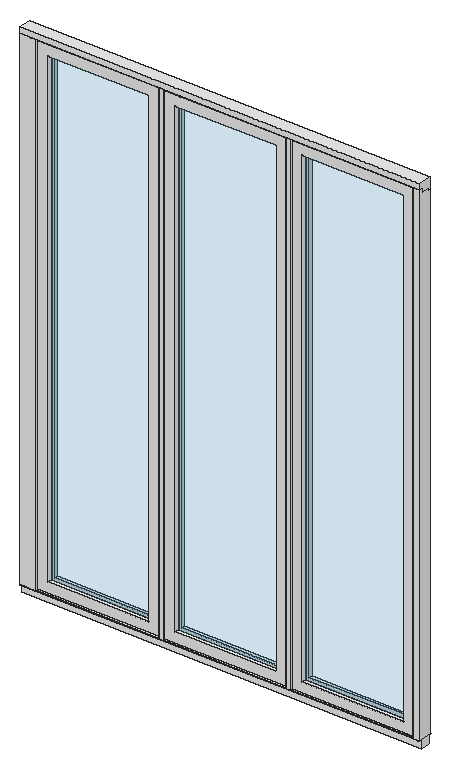
Revit family "Window-NanaWall-SL-73", category Windows, host Wall, Revit 2013 (continued)
Definition of nested family "DetailItem_Panel"
  Dimensions and locks (in)
    aligned and locked: curve 1 to plane 5
    aligned and locked: curve 2 to plane 6 "Back"
    aligned and locked: curve 3 to plane 4 "Right"
    aligned and locked: curve 4 to plane 7
